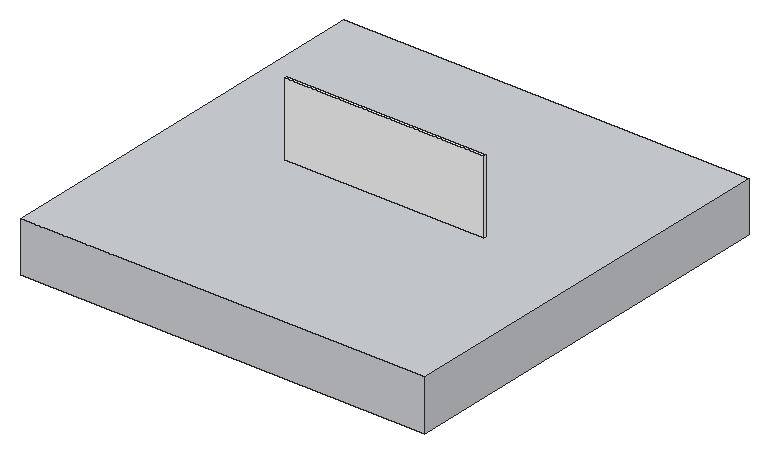
Revit family "SOT_Turano_Multiproduct_BIM_GB_R4321;R4322;R4323;R4324", category Plumbing Fixtures, host Face, Revit 2014
Parameters (values of type "R4324WG - Turano 1200mm worktop White Gloss")
  WaterEfficientProduct = no
  WarrantyStartDate [instance] = "1900-12-31T23:59:59"
  WarrantyGuarantorParts = "Productinfo@thebluebook.co.uk"
  WarrantyGuarantorLabor = "n/a"
  WarrantyDurationUnit = "year"
  WarrantyDurationParts = "5"
  WarrantyDurationLabor = "n/a"
  WarrantyDescription = "Manufacturers Warranty"
  WRAS = no
  VolumeUnits = "Litres"
  Version = "1"
  Uniclass2015Version = "Products v1.1"
  Uniclass2015Reference = "Pr_40_30_78_04"
  Uniclass2015Description = "Bathroom integrated duct work"
  Uniclass2 = "n/a"
  URL = "www.idealspec.co.uk"
  Type Comments = "n/a"
  TagNumber [instance] = "n/a"
  TMV3 = no
  SustainabilityPerformance = "n/a"
  SpareParts = "www.fastpart-spares.co.uk"
  Space = "Internal"
  Size = "1200 x 444 x 12 mm"
  Shape = "Rectangular"
  SerialNumber [instance] = "n/a"
  Revision = "n/a"
  ReplacementCost = "n/a"
  ProductInformation = "www.idealspec.co.uk/datasheets/R4324WG"
  Phone = "01482 346 461"
  NominalWidth = 1200 mm
  NominalLength = 444 mm
  NominalHeight = 12 mm
  NominalDepth = 444 mm
  NettWeight = "5 Kg"
  Name = "Furniture_Turano_R4324WG_IdealStandard"
  NBSTypeID = "n/a"
  NBSReference = "45-35-72/320"
  NBSOfficeMasterTag = "n/a"
  NBSNote = "n/a"
  NBSDescription = "Bathroom integrated duct work"
  NBSCertification = "n/a"
  ModelReference = Description  # "Turano 1200mm worktop"
  ModelNumber = Model  # "R4324WG"
  ManufacturerURL = "www.idealspec.co.uk"
  LinearUnits = "millimeters"
  ShelfMatl = ISI_IdealStandard_Sanitaryware_WhiteGlossWG_Render
  Keynote = "n/a"
  InstallationInstructions = "www.idealspec.co.uk/resources.html"
  InstallationDate [instance] = "1900-12-31T23:59:59"
  IfcExportType = "USERDEFINED"
  IfcExportAs = "IfcFurnitureType"
  Help = "Productinfo@thebluebook.co.uk"
  HWFU = 0
  GrossWeight = "n/a"
  Grade = "n/a"
  Finish = "WhiteGlossWG"
  Features = "Work top"
  ExpectedLife = "30"
  DurationUnit = "year"
  CurrencyUnit = "n/a"
  CreatedOn = "2016_04_06"
  Cost = 0
  Constituents = "n/a"
  ConnectionType = "Plumbing"
  Color = "White Gloss"
  CodePerformance = "EN 14749:2005"
  Category = "Furniture"
  Reference = "n/a"
  Model = "R4324WG"
  Manufacturer = "Productinfo@thebluebook.co.uk"
  ECA = no
  Description = "Turano 1200mm worktop"
  Default Elevation = 800 mm
  CWFU = 0
  Brand = "Ideal Standard"
  BarCode [instance] = "n/a"
  BREEAM = no
  BIMObjectName = "ISI_IdealStandard_Furniture_Turano_R4324WG"
  Author = "Ideal Standard (UK) Ltd"
  AssetType = "Fixed"
  AssetIdentifier [instance] = "n/a"
  Assembly Code = "C1030200"
  AreaUnits = "millimeters"
  AreaMeasurement = "n/a"
  Accessories = "www.idealspec.co.uk"
  AccessibilityPerformance = "n/a"
Types (20, lengths in mm): name | Size | ProductInformation | NominalWidth | NettWeight | Name | ModelReference | ModelNumber | ShelfMatl | Finish | Color | Model | Description | BIMObjectName
  R4324WG - Turano 1200mm worktop White Gloss | "1200 x 444 x 12 mm" | "www.idealspec.co.uk/datasheets/R4324WG" | 1200 | "5 Kg" | "Furniture_Turano_R4324WG_IdealStandard" | "Turano 1200mm worktop" | "R4324WG" | ISI_IdealStandard_Sanitaryware_WhiteGlossWG_Render | "WhiteGlossWG" | "White Gloss" | "R4324WG" | "Turano 1200mm worktop" | "ISI_IdealStandard_Furniture_Turano_R4324WG"
  R4323WG - Turano 1000mm worktop White Gloss | "1000 x 444 x 12 mm" | "www.idealspec.co.uk/datasheets/R4323WG" | 1000 | "4.5 Kg" | "Furniture_Turano_R4323WG_IdealStandard" | "Turano 1000mm worktop" | "R4323WG" | ISI_IdealStandard_Sanitaryware_WhiteGlossWG_Render | "WhiteGlossWG" | "White Gloss" | "R4323WG" | "Turano 1000mm worktop" | "ISI_IdealStandard_Furniture_Turano_R4323WG"
  R4322WG - Turano 800mm worktop White Gloss | "800 x 444 x 12 mm" | "www.idealspec.co.uk/datasheets/R4322WG" | 800 | "4 Kg" | "Furniture_Turano_R4322WG_IdealStandard" | "Turano 800mm worktop" | "R4322WG" | ISI_IdealStandard_Sanitaryware_WhiteGlossWG_Render | "WhiteGlossWG" | "White Gloss" | "R4322WG" | "Turano 800mm worktop" | "ISI_IdealStandard_Furniture_Turano_R4322WG"
  R4324FF - Turano 1200mm worktop Wood Light Brown | "1200 x 444 x 12 mm" | "www.idealspec.co.uk/datasheets/R4324FF" | 1200 | "5 Kg" | "Furniture_Turano_R4324FF_IdealStandard" | "Turano 1200mm worktop" | "R4324FF" | ISI_IdealStandard_Sanitaryware_WoodLightBrownFF_Render | "WoodLightBrownFF" | "Wood Light Brown" | "R4324FF" | "Turano 1200mm worktop" | "ISI_IdealStandard_Furniture_Turano_R4324FF"
  R4323FF - Turano 1000mm worktop Wood Light Brown | "1000 x 444 x 12 mm" | "www.idealspec.co.uk/datasheets/R4323FF" | 1000 | "4.5 Kg" | "Furniture_Turano_R4323FF_IdealStandard" | "Turano 1000mm worktop" | "R4323FF" | ISI_IdealStandard_Sanitaryware_WoodLightBrownFF_Render | "WoodLightBrownFF" | "Wood Light Brown" | "R4323FF" | "Turano 1000mm worktop" | "ISI_IdealStandard_Furniture_Turano_R4323FF"
  R4322FF - Turano 800mm worktop Wood Light Brown | "800 x 444 x 12 mm" | "www.idealspec.co.uk/datasheets/R4322FF" | 800 | "4 Kg" | "Furniture_Turano_R4322FF_IdealStandard" | "Turano 800mm worktop" | "R4322FF" | ISI_IdealStandard_Sanitaryware_WoodLightBrownFF_Render | "WoodLightBrownFF" | "Wood Light Brown" | "R4322FF" | "Turano 800mm worktop" | "ISI_IdealStandard_Furniture_Turano_R4322FF"
  R4324FE - Turano 1200mm worktop Wood Light Grey | "1200 x 444 x 12 mm" | "www.idealspec.co.uk/datasheets/R4324FE" | 1200 | "5 Kg" | "Furniture_Turano_R4324FE_IdealStandard" | "Turano 1200mm worktop" | "R4324FE" | ISI_IdealStandard_Sanitaryware_WoodLightGreyFE_Render | "WoodLightGreyFE" | "Wood Light Grey" | "R4324FE" | "Turano 1200mm worktop" | "ISI_IdealStandard_Furniture_Turano_R4324FE"
  R4323FE - Turano 1000mm worktop Wood Light Grey | "1000 x 444 x 12 mm" | "www.idealspec.co.uk/datasheets/R4323FE" | 1000 | "4.5 Kg" | "Furniture_Turano_R4323FE_IdealStandard" | "Turano 1000mm worktop" | "R4323FE" | ISI_IdealStandard_Sanitaryware_WoodLightGreyFE_Render | "WoodLightGreyFE" | "Wood Light Grey" | "R4323FE" | "Turano 1000mm worktop" | "ISI_IdealStandard_Furniture_Turano_R4323FE"
  R4322FE - Turano 800mm worktop Wood Light Grey | "800 x 444 x 12 mm" | "www.idealspec.co.uk/datasheets/R4322FE" | 800 | "4 Kg" | "Furniture_Turano_R4322FE_IdealStandard" | "Turano 800mm worktop" | "R4322FE" | ISI_IdealStandard_Sanitaryware_WoodLightGreyFE_Render | "WoodLightGreyFE" | "Wood Light Grey" | "R4322FE" | "Turano 800mm worktop" | "ISI_IdealStandard_Furniture_Turano_R4322FE"
  R4324FC - Turano 1200mm worktop Gloss Light Brown | "1200 x 444 x 12 mm" | "www.idealspec.co.uk/datasheets/R4324FC" | 1200 | "5 Kg" | "Furniture_Turano_R4324FC_IdealStandard" | "Turano 1200mm worktop" | "R4324FC" | ISI_IdealStandard_Sanitaryware_GlossLightBrownFC_Render | "GlossLightBrownFC" | "Gloss Light Brown" | "R4324FC" | "Turano 1200mm worktop" | "ISI_IdealStandard_Furniture_Turano_R4324FC"
  R4323FC - Turano 1000mm worktop Gloss Light Brown | "1000 x 444 x 12 mm" | "www.idealspec.co.uk/datasheets/R4323FC" | 1000 | "4.5 Kg" | "Furniture_Turano_R4323FC_IdealStandard" | "Turano 1000mm worktop" | "R4323FC" | ISI_IdealStandard_Sanitaryware_GlossLightBrownFC_Render | "GlossLightBrownFC" | "Gloss Light Brown" | "R4323FC" | "Turano 1000mm worktop" | "ISI_IdealStandard_Furniture_Turano_R4323FC"
  R4322FC - Turano 800mm worktop Gloss Light Brown | "800 x 444 x 12 mm" | "www.idealspec.co.uk/datasheets/R4322FC" | 800 | "4 Kg" | "Furniture_Turano_R4322FC_IdealStandard" | "Turano 800mm worktop" | "R4322FC" | ISI_IdealStandard_Sanitaryware_GlossLightBrownFC_Render | "GlossLightBrownFC" | "Gloss Light Brown" | "R4322FC" | "Turano 800mm worktop" | "ISI_IdealStandard_Furniture_Turano_R4322FC"
  R4324FA - Turano 1200mm worktop Gloss Light Grey | "1200 x 444 x 12 mm" | "www.idealspec.co.uk/datasheets/R4324FA" | 1200 | "5 Kg" | "Furniture_Turano_R4324FA_IdealStandard" | "Turano 1200mm worktop" | "R4324FA" | ISI_IdealStandard_Sanitaryware_GlossLightGreyFA_Render | "GlossLightGreyFA" | "Gloss Light Grey" | "R4324FA" | "Turano 1200mm worktop" | "ISI_IdealStandard_Furniture_Turano_R4324FA"
  R4323FA - Turano 1000mm worktop Gloss Light Grey | "1000 x 444 x 12 mm" | "www.idealspec.co.uk/datasheets/R4323FA" | 1000 | "4.5 Kg" | "Furniture_Turano_R4323FA_IdealStandard" | "Turano 1000mm worktop" | "R4323FA" | ISI_IdealStandard_Sanitaryware_GlossLightGreyFA_Render | "GlossLightGreyFA" | "Gloss Light Grey" | "R4323FA" | "Turano 1000mm worktop" | "ISI_IdealStandard_Furniture_Turano_R4323FA"
  R4322FA - Turano 800mm worktop Gloss Light Grey | "800 x 444 x 12 mm" | "www.idealspec.co.uk/datasheets/R4322FA" | 800 | "4 Kg" | "Furniture_Turano_R4322FA_IdealStandard" | "Turano 800mm worktop" | "R4322FA" | ISI_IdealStandard_Sanitaryware_GlossLightGreyFA_Render | "GlossLightGreyFA" | "Gloss Light Grey" | "R4322FA" | "Turano 800mm worktop" | "ISI_IdealStandard_Furniture_Turano_R4322FA"
  R4321FF - Turano 600mm worktop Wood Light Brown | "600 x 444 x 12 mm" | "www.idealspec.co.uk/datasheets/R4321FF" | 600 | "3.5 Kg" | "Furniture_Turano_R4321FF_IdealStandard" | "Turano 600mm worktop" | "R4321FF" | ISI_IdealStandard_Sanitaryware_WoodLightBrownFF_Render | "WoodLightBrownFF" | "Wood Light Brown" | "R4321FF" | "Turano 600mm worktop" | "ISI_IdealStandard_Furniture_Turano_R4321FF"
  R4321FC - Turano 600mm worktop Gloss Light Brown | "600 x 444 x 12 mm" | "www.idealspec.co.uk/datasheets/R4321FC" | 600 | "3.5 Kg" | "Furniture_Turano_R4321FC_IdealStandard" | "Turano 600mm worktop" | "R4321FC" | ISI_IdealStandard_Sanitaryware_GlossLightBrownFC_Render | "GlossLightBrownFC" | "Gloss Light Brown" | "R4321FC" | "Turano 600mm worktop" | "ISI_IdealStandard_Furniture_Turano_R4321FC"
  R4321FA - Turano 600mm worktop Gloss Light Grey | "600 x 444 x 12 mm" | "www.idealspec.co.uk/datasheets/R4321FA" | 600 | "3.5 Kg" | "Furniture_Turano_R4321FA_IdealStandard" | "Turano 600mm worktop" | "R4321FA" | ISI_IdealStandard_Sanitaryware_GlossLightGreyFA_Render | "GlossLightGreyFA" | "Gloss Light Grey" | "R4321FA" | "Turano 600mm worktop" | "ISI_IdealStandard_Furniture_Turano_R4321FA"
  R4321FE - Turano 600mm worktop Wood Light Grey | "600 x 444 x 12 mm" | "www.idealspec.co.uk/datasheets/R4321FE" | 600 | "3.5 Kg" | "Furniture_Turano_R4321FE_IdealStandard" | "Turano 600mm worktop" | "R4321FE" | ISI_IdealStandard_Sanitaryware_WoodLightGreyFE_Render | "WoodLightGreyFE" | "Wood Light Grey" | "R4321FE" | "Turano 600mm worktop" | "ISI_IdealStandard_Furniture_Turano_R4321FE"
  R4321WG - Turano 600mm worktop White Gloss | "600 x 444 x 12 mm" | "www.idealspec.co.uk/datasheets/R4321WG" | 600 | "3.5 Kg" | "Furniture_Turano_R4321WG_IdealStandard" | "Turano 600mm worktop" | "R4321WG" | ISI_IdealStandard_Sanitaryware_WhiteGlossWG_Render | "WhiteGlossWG" | "White Gloss" | "R4321WG" | "Turano 600mm worktop" | "ISI_IdealStandard_Furniture_Turano_R4321WG"
Reference planes
  plane 1 "Center (Front/Back)": y = 0
  plane 2: z = 0
  plane 3 "Center (Left/Right)": x = 0
  plane 4: x = -600
  plane 5: x = 600
  plane 6: y = 12
  plane 7: z = 444
Forms (mm)
  Extrusion 1, solid
    sketch origin (0, 0, 0) x (1, 0, 0) y (0, 1, 0)
      loop
        line (-1219.2, 1219.2) -> (-1219.2, -1219.2) -> (1219.2, -1219.2) -> (1219.2, 1219.2) -> (-1219.2, 1219.2)
    from 0 to -304.8
  Extrusion 2, solid, material "ISI_IdealStandard_Sanitaryware_WhiteGlossWG_Render" <- "ShelfMatl"
    sketch origin (0, 0, 0) x (1, 0, 0) y (0, 1, 0)
      loop
        line (-600, 12) -> (-600, 0) -> (600, 0) -> (600, 12) -> (-600, 12)
    from 0 to 444
Dimensions and locks
  equal spacing: plane 4, plane 3 "Center (Left/Right)", plane 5
  "NominalWidth": plane 4 to plane 5
  "NominalHeight": plane 1 "Center (Front/Back)" to plane 6
  "NominalLength": plane 7 to plane 2
  plane 3 "Center (Left/Right)" to Extrusion 2 = 600 mm
  aligned and locked: plane 2 to Extrusion 1
  aligned and locked: level to Extrusion 1
  aligned and locked: Extrusion 2 sketch curve to plane 6
  aligned and locked: plane 4 to Extrusion 2 sketch curve
  aligned and locked: Extrusion 2 sketch curve to plane 1 "Center (Front/Back)"
  aligned and locked: Extrusion 2 sketch curve to plane 5
  aligned and locked: plane 7 to Extrusion 2
Automatic sketch dimensions
  Extrusion 1 sketch curve to Extrusion 1 sketch curve = 2438.4 mm  (x2)
